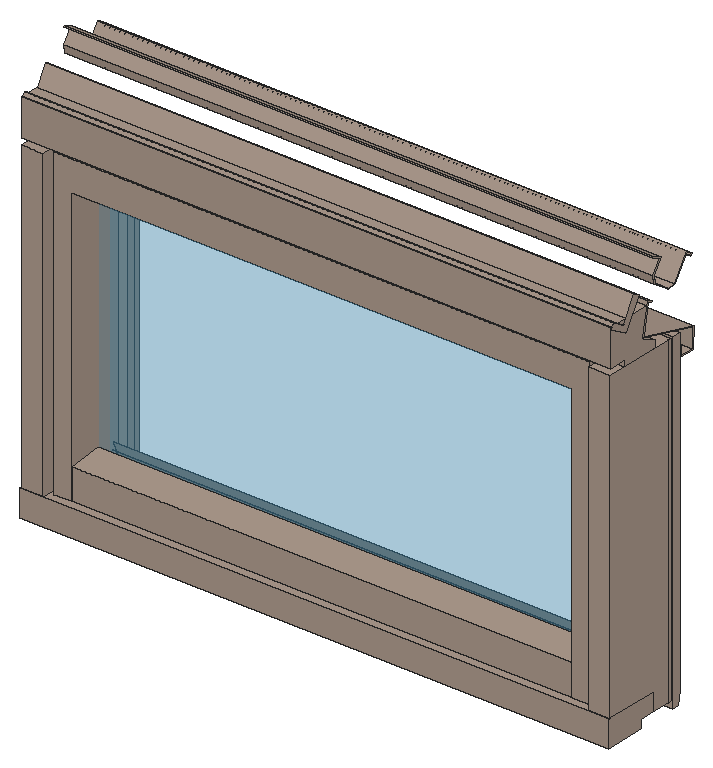
Revit family "VIU_v_1.01", category Окна, Revit 2017
Family settings
  Основа = Стена
  Номер OmniClass = 23.30.20.00
  Заголовок OmniClass = Windows
  Всегда вертикально = Да
  При загрузке вырезать с полостями = Нет
  Общий = Нет
  Точка расчета площади = Нет
Parameters (values of type "Default")
  g-value = "0.52"
  Youtube clip = ""
  Window Inset = 130.000 mm
  Window Area = 0.56
  Weight Net (kg) = ""
  Warranty Years = "5 (10 with BDX)"
  Uniclass 2.0 Description = "Roof Window Units"
  Uniclass 2.0 Code = "PR-59-72"
  Uniclass 1.4 Description = "Rooflights/Roof windows"
  Uniclass 1.4 Code = "JL11"
  URL = "http://file-system.ru/catalog/zdaniya_i_sooruzheniya/eksterer/okna/viu_velux_premium_dopolnitelnyy_nizhniy_element_karniznoe_okno_iz_poliuretana_glukhoe_ne_otkryvaetsya/#close_popup_window"
  UNSPC code = 301516
  UNSPC Category = "Roofing accessories"
  ThermalTransmittance - Glazing = "1.0"
  ThermalTransmittance = "1.4"
  Thermal bridge(glazing) = 0.059
  Thermal bridge = "0.09"
  Thermal Transmittance(frame) = 1.3
  Technical description = ""
  Sound Insulation db = 35
  Roof Slope = 30.00°
  Product identifier = ""
  Product group = "VIU 1.01"
  Product family = "Vertical window"
  Product data url = "http://www.velux.co.uk/private/products/velux_roof_windows/vertical_and_sloping_combination_elements"
  Product certification = ""
  Product SKU = "viu101"
  Perimeter Window = 3.08
  Perimeter Glazing = 2.33
  Operation Mode = "Manuel"
  Name of the object = "New Gen VELUX VIU 1.01"
  NBS Reference Description = "Roof Window Units"
  NBS Reference = "59-72"
  Группа модели = "New Gen VELUX VIU 1.01"
  Material secondary = Glass Standard, laminted, solar gain, low Energy (--73)
  Material main = Wood
  Manufacturer country = "Denmark"
  Manufacturer URL = "www.velux.com"
  Изготовитель = "VELUX A/S"  # constant formula
  Light transmittance = "0.75"
  Installation instructions = "http://www.velux.co.uk/en-GB/PublishingImages/PDFs/GILGIU%20450601-2011-12%5B1%5D.pdf"
  IFC Classification = "Window"
  Height = 600.000 mm
  GlazingAreaFraction = "0.29"
  Function = "Bottom hung vertical window"
  Frame Area = 0.27
  Emergency Exit = 1 > 2  # no
  Edition number = "1"
  EAN code = ""
  Design country = "Denmark"
  Default Sill Height = 600.000 mm
  Замыкание стены = По основе
  Ширина = 940.000 mm
  Date of publishing = "6/27/2013"
  Copyright = "VELUX A/S"  # constant formula
  COBIe Type Category = ""
  Код по классификатору = "B3020110"
  Angle = 90.00° - Roof Slope  # 60.00°
  Allowed Roof Slope = "15-55°"
Reference planes
  plane 1 "Back": y = -12
  plane 2 "Center (Left/Right)": x = 0
  plane 3 "Left": x = -469.96
  plane 4 "Right": x = 469.96
  plane 5 "Sill": z = 600
  plane 6 "Exterior": y = 125
  plane 7 "Interior": y = -125
  plane 8: z = 1608.158
  plane 9: z = 1202.487
  plane 10: y = 46
  plane 11: z = 586.6
  plane 12: y = 46
  plane 13: through (-161.657, 231.247, 1523.345) normal (0, -0.866, 0.5)
  plane 14: x = -427.96
  plane 15: x = 427.96
  plane 16: x = -489.96
  plane 17: x = 489.96
  plane 18: z = 1190.507
  plane 19: y = 9.65
  plane 20: y = 0
  plane 21 "Inset": y = -5
  plane 22: y = 144
  plane 23: y = 130
  plane 24: z = 1186.6
  plane 25: x = -470
  plane 26: x = 470
  plane 27: x = -442.9
  plane 28: x = 442.9
Forms (mm)
  Extrusion 1, void
    sketch origin (0, 0, 0) x (0, 1, 0) y (0, 0, 1)
      loop
        line (125, 586.6) -> (125, 1202.487) -> (-125, 1202.487) -> (-125, 586.6) -> (125, 586.6)
    from -442.9 to 442.9
  Sweep 2, solid, material "Wood" <- "Material main"
    path origin (0, -12, 0) x (1, 0, 0) y (0, 0, 1)
      loop
        line (-470, 600) -> (470, 600)
    profile origin (0, -12, 600) x (0, 0, 1) y (0, -1, 0)
      loop
        line (-13.4, -6.8) -> (-13.4, -70.6) -> (0, -70.6) -> (0, -93.7) -> (28.2, -93.7) -> (28.2, -6.8) -> (-13.4, -6.8)
  Sweep 3, solid, material "Wood" <- "Material main"
    path origin (0, -12, 0) x (1, 0, 0) y (0, 0, 1)
      loop
        line (-420, 600) -> (420, 600)
    profile origin (0, -12, 600) x (0, 0, 1) y (0, -1, 0)
      loop
        line (48.186, -116.097) -> (13.359, -116.097) -> (18.835, -103.8) -> (-11.214, -103.8) -> (-11.214, -121.5) -> (42.783, -121.5) -> (48.186, -116.097)
  Sweep 4, solid, material "Wood" <- "Material main"
    path origin (0, -12, 0) x (1, 0, 0) y (0, 0, 1)
      loop
        line (-469.96, 1202.487) -> (469.96, 1202.487)
    profile origin (0, -12, 1202.487) x (0, 0, 1) y (0, -1, 0)
      loop
        line (-15.887, -9.1) -> (-74.383, -9.1) -> (-74.383, -37.1) -> (-84.083, -37.1) -> (-84.083, -98.1) -> (-71.583, -98.1) -> (-60.983, -73.128) -> (-15.887, -81.894) -> (-15.887, -9.1)
  Sweep 5, solid, material "Wood" <- "Material main"
    path origin (0, -12, 0) x (1, 0, 0) y (0, 0, 1)
      loop
        line (-469.96, 1202.487) -> (469.96, 1202.487)
    profile origin (0, -12, 1202.487) x (0, 0, 1) y (0, -1, 0)
      loop
        line (-58.109, -75.178) -> (-11.518, -84.234) -> (-14.559, -92.155) -> (-13.761, -92.31) -> (-10.429, -83.631) -> (-58.682, -74.251) -> (-86.478, -174.029) -> (-118.569, -173.469) -> (-118.569, -150.589) -> (-101.769, -150.589) -> (-101.769, -149.789) -> (-119.369, -149.789) -> (-119.369, -174.255) -> (-85.873, -174.84) -> (-58.109, -75.178)
  Sweep 6, solid, material "Wood" <- "Material main"
    path origin (0, -12, 0) x (1, 0, 0) y (0, 0, 1)
      loop
        line (-469.96, 1118.404) -> (-469.96, 600)
    profile origin (-469.96, -12, 859.202) x (0, -1, 0) y (1, 0, 0)
      loop
        line (-37, 49.96) -> (-144, 49.96) -> (-144, 22.96) -> (-130, 22.96) -> (-130, -0.04) -> (-125, -0.04) -> (-125, 0.96) -> (-124, 0.96) -> (-124, -0.04) -> (-9, -0.04) -> (-9, 35.06) -> (-37, 35.06) -> (-37, 49.96)
  Sweep 7, solid, material "Wood" <- "Material main"
    path origin (0, -12, 0) x (1, 0, 0) y (0, 0, 1)
      loop
        line (-469.96, 1118.404) -> (-469.96, 586.6)
    profile origin (-469.96, -12, 852.502) x (0, -1, 0) y (1, 0, 0)
      loop
        line (-134, 75.96) -> (-148, 75.96) -> (-148, 0.96) -> (-134, 0.96) -> (-134, 75.96)
  Sweep 8, solid, material "Wood" <- "Material main"
    path origin (0, -12, 0) x (1, 0, 0) y (0, 0, 1)
      loop
        line (469.96, 1118.404) -> (469.96, 600)
    profile origin (469.96, -12, 859.202) x (0, -1, 0) y (1, 0, 0)
      loop
        line (-144, -22.96) -> (-144, -49.96) -> (-37, -49.96) -> (-37, -35.06) -> (-9, -35.06) -> (-9, 0.04) -> (-124, 0.04) -> (-124, -0.96) -> (-125, -0.96) -> (-125, 0.04) -> (-130, 0.04) -> (-130, -22.96) -> (-144, -22.96)
  Sweep 9, solid, material "Wood" <- "Material main"
    path origin (0, -12, 0) x (1, 0, 0) y (0, 0, 1)
      loop
        line (469.96, 1118.404) -> (469.96, 586.6)
    profile origin (469.96, -12, 852.502) x (0, -1, 0) y (1, 0, 0)
      loop
        line (-148, -0.96) -> (-148, -75.96) -> (-134, -75.96) -> (-134, -0.96) -> (-148, -0.96)
  Extrusion 10, void
    sketch origin (-161.657, 46, 720) x (0, 0, 1) y (-1, 0, 0)
      loop
        line (482.487, 308.303) -> (-133.4, 308.303) -> (-133.4, -631.617) -> (482.487, -631.617) -> (482.487, 308.303)
    from 0 to -79
  Sweep 11, solid, material "Wood" <- "Material main"
    path origin (0, 9.65, 1190.507) x (0, -0.866025, 0.5) y (-1, 0, 0)
      loop
        line (0, 469.96) -> (0, -469.96)
    profile origin (0, 9.65, 1190.507) x (0, -0.866025, 0.5) y (0, -0.5, -0.866025)
      loop
        line (-46.562, -64.852) -> (-54.2, -55.755) -> (-90.464, -52.596) -> (-99.561, -60.234) -> (-103.272, -102.801) -> (-112.238, -102.019) -> (-112.047, -99.828) -> (-108.46, -100.14) -> (-108.39, -99.343) -> (-112.774, -98.961) -> (-113.105, -102.747) -> (-102.544, -103.667) -> (-98.793, -60.634) -> (-90.204, -53.422) -> (-54.6, -56.523) -> (-47.388, -65.113) -> (-49.571, -90.169) -> (-33.3, -88.795) -> (-33.367, -87.998) -> (-48.691, -89.292) -> (-46.562, -64.852)
  Sweep 12, void
    path origin (-469.96, -12, 586.6) x (-1, 0, 0) y (0, -1, 0)
      loop
        line (-0.96, -148) -> (-75.96, -148)
    profile origin (-431.5, 136, 586.6) x (0, 1, 0) y (0, 0, 1)
      loop
        line (0, 0) -> (0, 20) -> (-4, 0) -> (0, 0)
  Sweep 13, void
    path origin (-469.96, -12, 586.6) x (-1, 0, 0) y (0, -1, 0)
      loop
        line (-863.96, -148) -> (-938.96, -148)
    profile origin (431.5, 136, 586.6) x (0, 1, 0) y (0, 0, 1)
      loop
        line (0, 0) -> (0, 20) -> (-4, 0) -> (0, 0)
  Sweep 14, solid, material "Wood" <- "Material main"
    path origin (0, 24.931, 1179.375) x (0, 0.5, 0.866025) y (-1, 0, 0)
      loop
        line (0, 469.96) -> (0, -469.96)
    profile origin (0, 24.931, 1179.375) x (0, 0.5, 0.866025) y (0, -0.866025, 0.5)
      loop
        line (-10, -10) -> (40, -10) -> (40, 0) -> (0, 0) -> (0, 25) -> (-10, 25) -> (-10, -10)
Cuts and joins
  Sweep 12 cuts Sweep 6
  Sweep 12 cuts Sweep 7
  Sweep 13 cuts Sweep 8
  Sweep 13 cuts Sweep 9
Lines and regions (mm)
  reference lines
    curve 1: line (0, 58.03, 2300) -> (110, 58.03, 2300)
    curve 6: line (0, 46, 586.6) -> (0, 156.49, 554.709)
    curve 7: line (0, 83, 1900) -> (509.96, 83, 1900)
    curve 8: line (0, 46, 1202.487) -> (0, -79.332, 1274.847)
    curve 9: line (-469.96, 46.5, 652.837) -> (469.96, 46.5, 652.837)
    curve 10: line (0, 46, 1202.487) -> (360, 46, 1202.487)
    curve 11: line (0, 9.65, 1190.507) -> (0, -361.869, 1405.004)
    curve 12: line (0, 28.591, 1763.228) -> (115, 28.591, 1763.228)
    curve 13: line (0, 24.931, 1179.375) -> (0, -698.2, 1596.875)
    curve 14: line (0, 24.931, 1179.375) -> (0, 274.931, 1612.388)
  symbolic lines
    curve 2: line (-469.96, -125, 0) -> (-469.96, 125, 0)
    curve 3: line (469.96, -125, 0) -> (469.96, 125, 0)
    curve 4: line (-469.96, -125, 0) -> (469.96, -125, 0)
    curve 5: line (469.96, 125, 0) -> (-469.96, 125, 0)
Text (mm)
  text "EXTERIOR" at (-1963.203, 1332.353, 0), in view "Ref. Level"
  text "INTERIOR" at (-1981.466, -818.386, 0), in view "Ref. Level"
  text "Exterior" at (0, 923.751, 2943.296), in view "Right"
  text "Exterior" at (0, 1040.484, 2685.409), in view "Left"
Dimensions and locks
  equal spacing: plane 3 "Left", plane 2 "Center (Left/Right)", plane 4 "Right"
  "Ширина": plane 25 to plane 26
  "Default Sill Height": plane 5 "Sill" to level
  locked: plane 6 "Exterior" to host wall at 0
  locked: plane 7 "Interior" to host wall
  "Height": plane 11 to plane 24
  plane 1 "Back" to nested 1 = 4.000 mm
  locked: plane 11 to plane 5 "Sill" at 13.4
  locked: plane 12 to plane 1 "Back" at 58
  locked: plane 5 "Sill" to curve 9 at 52.837
  curve 9 to plane 1 "Back" = 58.500 mm
  plane 3 "Left" to plane 14 = 42.000 mm
  plane 15 to plane 4 "Right" = 42.000 mm
  locked: plane 16 to plane 3 "Left" at 20
  locked: plane 4 "Right" to plane 17 at 20
  locked: plane 12 to plane 19 at 36.35
  locked: plane 18 to plane 9 at 11.98
  "Window Inset": plane 21 "Inset" to plane 6 "Exterior"
  locked: plane 1 "Back" to plane 21 "Inset" at 7
  locked: plane 1 "Back" to nested 1 at 4
  locked: curve 11 to curve 14 at 18.8
  locked: curve 13 to curve 11 at 2
  locked: curve 14 to Sweep 14 sketch curve at 10
  locked: Sweep 14 sketch curve to curve 13 at 10
  locked: curve 13 to Sweep 14 sketch curve at 40
  locked: Sweep 14 sketch curve to curve 14 at 25
  locked: plane 24 to plane 9 at 15.887
  locked: plane 16 to plane 25 at 19.96
  locked: plane 26 to plane 17 at 19.96
  plane 11 to plane 5 "Sill" = 13.400 mm
  locked: plane 3 "Left" to plane 27 at 27.06
  plane 27 to cut or joined group of Sweep 6, Sweep 12 = 8.000 mm
  locked: plane 28 to plane 4 "Right" at 27.06
  cut or joined group of Sweep 8, Sweep 13 to plane 28 = 8.000 mm
  locked: plane 11 to curve 6 (angle 16.10°)
  "Roof Slope": angle plane 9 to curve 8
  "Angle": angle plane 13 to plane 9
  locked: curve 10 to curve 8 (angle 90.00°)
  "Roof Slope": angle plane 18 to curve 11
  locked: curve 13 to curve 14 (angle 90.00°)
  "Roof Slope": angle plane 18 to curve 13
  aligned and locked: host wall to Extrusion 1 sketch curve  (x2)
  aligned: plane 3 "Left" to Extrusion 1
  aligned: Extrusion 1 to plane 4 "Right"
  aligned and locked: Extrusion 1 sketch curve to plane 9
  aligned and locked: Extrusion 1 sketch curve to plane 11
  aligned and locked: curve 3 to plane 4 "Right"
  aligned and locked: host wall to curve 4
  aligned and locked: host wall to curve 5
  aligned and locked: plane 11 to curve 6
  aligned and locked: plane 10 to curve 6
  aligned and locked: plane 13 to curve 8
  aligned and locked: plane 12 to curve 8
  aligned and locked: plane 5 "Sill" to Sweep 2 sketch curve
  aligned and locked: Sweep 3 sketch curve to plane 5 "Sill"
  aligned and locked: plane 9 to Sweep 4 sketch curve
  aligned and locked: plane 3 "Left" to Sweep 4 sketch curve
  aligned and locked: plane 4 "Right" to Sweep 4 sketch curve
  aligned and locked: Sweep 5 sketch curve to plane 9
  aligned and locked: plane 4 "Right" to Sweep 5 sketch curve
  aligned and locked: plane 3 "Left" to Sweep 5 sketch curve
  aligned and locked: plane 3 "Left" to Sweep 6 sketch curve
  aligned and locked: plane 5 "Sill" to Sweep 6 sketch curve
  aligned and locked: Sweep 7 sketch curve to plane 3 "Left"
  aligned and locked: plane 4 "Right" to Sweep 8 sketch curve
  aligned and locked: plane 5 "Sill" to Sweep 8 sketch curve
  aligned and locked: Sweep 9 sketch curve to plane 4 "Right"
  aligned and locked: Sweep 4 to Sweep 7 sketch curve
  aligned and locked: Sweep 4 to Sweep 9 sketch curve
  aligned and locked: Sweep 4 to Sweep 6 sketch curve
  aligned and locked: Sweep 4 to Sweep 8 sketch curve
  aligned and locked: plane 11 to Sweep 7 sketch curve
  aligned: plane 14 to Extrusion 1
  aligned: plane 15 to Extrusion 1
  aligned and locked: plane 9 to Extrusion 10 sketch curve
  aligned and locked: plane 3 "Left" to Extrusion 10 sketch curve
  aligned and locked: plane 4 "Right" to Extrusion 10 sketch curve
  aligned and locked: host wall to Extrusion 10
  aligned and locked: plane 3 "Left" to Sweep 11 sketch curve
  aligned and locked: plane 4 "Right" to Sweep 11 sketch curve
  aligned and locked: Sweep 12 sketch curve to Sweep 7  (x3)
  aligned and locked: Sweep 7 to Sweep 12 sketch curve  (x2)
  aligned and locked: Sweep 13 sketch curve to Sweep 9  (x3)
  aligned and locked: Sweep 9 to Sweep 13 sketch curve  (x2)
  aligned and locked: Sweep 5 to Sweep 14 sketch curve  (x2)
  aligned and locked: plane 10 to plane 12
  aligned and locked: Extrusion 10 sketch curve to plane 11
  aligned and locked: Sweep 11 sketch curve to curve 11
  aligned and locked: Sweep 14 sketch curve to curve 13  (x2)
  aligned and locked: Sweep 14 sketch curve to curve 14
  aligned and locked: cut or joined group of Sweep 7, Sweep 12 to Sweep 9 sketch curve
  aligned and locked: Extrusion 1 to plane 27
  aligned and locked: plane 28 to Extrusion 1
Automatic sketch dimensions
  curve 1 to plane 2 "Center (Left/Right)" = 0.000 mm
  curve 1 to plane 2 "Center (Left/Right)" = 110.000 mm
  curve 7 to plane 2 "Center (Left/Right)" = 0.000 mm
  curve 7 to plane 4 "Right" = 40.000 mm
  curve 9 to plane 4 "Right" = 0.000 mm
  curve 9 to plane 3 "Left" = 0.000 mm
  plane 10 to curve 9 = 0.500 mm
  Sweep 2 sketch curve to plane 4 "Right" = 0.040 mm
  curve 8 to curve 10 = 0.000 mm
  curve 10 to curve 8 = 0.000 mm
  profile plane to Sweep 11 sketch curve = 113.105 mm
  Sweep 11 sketch curve to Sweep 11 sketch curve = 0.331 mm
  Sweep 11 sketch curve to Sweep 11 sketch curve = 0.867 mm
  Sweep 11 sketch curve to Sweep 11 sketch curve = 0.727 mm
  Sweep 11 sketch curve to Sweep 11 sketch curve = 3.587 mm
  Sweep 11 sketch curve to Sweep 11 sketch curve = 0.070 mm
  Sweep 11 sketch curve to Sweep 11 sketch curve = 5.188 mm
  Sweep 11 sketch curve to Sweep 11 sketch curve = 0.728 mm  (x2)
  Sweep 11 sketch curve to profile plane = 60.234 mm
  Sweep 11 sketch curve to Sweep 11 sketch curve = 8.829 mm
  Sweep 11 sketch curve to profile plane = 60.634 mm
  Sweep 11 sketch curve to Sweep 11 sketch curve = 0.768 mm  (x2)
  Sweep 11 sketch curve to profile plane = 52.596 mm
  Sweep 11 sketch curve to Sweep 11 sketch curve = 8.328 mm
  Sweep 11 sketch curve to profile plane = 53.422 mm
  Sweep 11 sketch curve to Sweep 11 sketch curve = 0.261 mm  (x2)
  Sweep 11 sketch curve to Sweep 11 sketch curve = 35.604 mm
  Sweep 11 sketch curve to Sweep 11 sketch curve = 0.400 mm
  profile plane to Sweep 11 sketch curve = 49.571 mm
  Sweep 11 sketch curve to Sweep 11 sketch curve = 0.879 mm
  Sweep 11 sketch curve to Sweep 11 sketch curve = 7.212 mm
  Sweep 11 sketch curve to Sweep 11 sketch curve = 0.826 mm
  Sweep 11 sketch curve to Sweep 11 sketch curve = 15.324 mm
  Sweep 11 sketch curve to Sweep 11 sketch curve = 0.067 mm
  Sweep 11 sketch curve to profile plane = 64.852 mm
  Sweep 11 sketch curve to Sweep 11 sketch curve = 23.146 mm
  Sweep 11 sketch curve to Sweep 11 sketch curve = 0.797 mm  (x2)
  Sweep 11 sketch curve to Sweep 11 sketch curve = 38.327 mm
  Sweep 11 sketch curve to Sweep 11 sketch curve = 0.382 mm
  Sweep 11 sketch curve to Sweep 11 sketch curve = 0.866 mm  (x2)
  Sweep 11 sketch curve to Sweep 11 sketch curve = 2.192 mm
  Sweep 11 sketch curve to Sweep 11 sketch curve = 2.660 mm
  Sweep 11 sketch curve to Sweep 11 sketch curve = 8.589 mm
  plane 3 "Left" to Sweep 2 sketch curve = 0.040 mm
  profile plane to Sweep 2 sketch curve = 0.000 mm
  profile plane to Sweep 2 sketch curve = 13.400 mm
  Sweep 2 sketch curve to plane 1 "Back" = 6.800 mm
  Sweep 2 sketch curve to profile plane = 28.200 mm
  Sweep 2 sketch curve to Sweep 2 sketch curve = 63.800 mm
  Sweep 2 sketch curve to Sweep 2 sketch curve = 23.100 mm
  Sweep 3 sketch curve to plane 14 = 7.960 mm
  Sweep 3 sketch curve to plane 15 = 7.960 mm
  profile plane to Sweep 3 sketch curve = 11.214 mm
  Sweep 3 sketch curve to profile plane = 13.359 mm
  Sweep 3 sketch curve to Sweep 3 sketch curve = 5.475 mm
  Sweep 3 sketch curve to Sweep 3 sketch curve = 23.949 mm
  Sweep 3 sketch curve to Sweep 3 sketch curve = 5.403 mm  (x2)
  Sweep 3 sketch curve to plane 1 "Back" = 121.500 mm
  Sweep 3 sketch curve to Sweep 3 sketch curve = 12.297 mm
  profile plane to Sweep 4 sketch curve = 84.083 mm
  Sweep 4 sketch curve to Sweep 4 sketch curve = 9.700 mm
  Sweep 4 sketch curve to Sweep 4 sketch curve = 12.500 mm
  Sweep 4 sketch curve to Sweep 4 sketch curve = 10.600 mm
  profile plane to Sweep 4 sketch curve = 15.887 mm
  Sweep 4 sketch curve to plane 1 "Back" = 98.100 mm
  Sweep 4 sketch curve to Sweep 4 sketch curve = 16.206 mm
  Sweep 4 sketch curve to Sweep 4 sketch curve = 24.972 mm
  Sweep 4 sketch curve to plane 1 "Back" = 37.100 mm
  Sweep 4 sketch curve to plane 1 "Back" = 9.100 mm
  Sweep 7 sketch curve to plane 1 "Back" = 148.000 mm
  Sweep 7 sketch curve to Sweep 7 sketch curve = 14.000 mm
  Sweep 7 sketch curve to profile plane = 0.960 mm
  Sweep 7 sketch curve to Sweep 7 sketch curve = 75.000 mm
  Sweep 9 sketch curve to plane 1 "Back" = 148.000 mm
  profile plane to Sweep 9 sketch curve = 0.960 mm
  Sweep 9 sketch curve to Sweep 9 sketch curve = 14.000 mm
  Sweep 9 sketch curve to Sweep 9 sketch curve = 75.000 mm
  profile plane to Sweep 12 sketch curve = 4.000 mm
  profile plane to Sweep 12 sketch curve = 20.000 mm
  curve 12 to plane 2 "Center (Left/Right)" = 0.000 mm
  curve 12 to plane 2 "Center (Left/Right)" = 115.000 mm
  profile plane to Sweep 13 sketch curve = 4.000 mm
  Sweep 13 sketch curve to Sweep 13 sketch curve = 20.000 mm
  profile plane to Sweep 5 sketch curve = 119.369 mm
  Sweep 5 sketch curve to Sweep 5 sketch curve = 0.800 mm  (x2)
  Sweep 5 sketch curve to Sweep 5 sketch curve = 16.800 mm
  Sweep 5 sketch curve to Sweep 5 sketch curve = 32.091 mm
  profile plane to Sweep 5 sketch curve = 14.559 mm
  Sweep 5 sketch curve to Sweep 5 sketch curve = 0.797 mm
  Sweep 5 sketch curve to Sweep 5 sketch curve = 2.243 mm
  Sweep 5 sketch curve to Sweep 5 sketch curve = 1.089 mm
  Sweep 5 sketch curve to plane 1 "Back" = 174.840 mm
  Sweep 5 sketch curve to Sweep 5 sketch curve = 0.585 mm
  Sweep 5 sketch curve to Sweep 5 sketch curve = 0.786 mm
  Sweep 5 sketch curve to Sweep 5 sketch curve = 22.880 mm
  Sweep 5 sketch curve to plane 1 "Back" = 92.310 mm
  Sweep 5 sketch curve to Sweep 5 sketch curve = 0.155 mm
  Sweep 5 sketch curve to Sweep 5 sketch curve = 8.076 mm
  Sweep 5 sketch curve to Sweep 5 sketch curve = 0.603 mm
  Sweep 5 sketch curve to Sweep 5 sketch curve = 16.978 mm
  Sweep 5 sketch curve to Sweep 5 sketch curve = 0.605 mm
  Sweep 5 sketch curve to Sweep 5 sketch curve = 0.572 mm
  Sweep 5 sketch curve to Sweep 5 sketch curve = 0.811 mm
  Sweep 5 sketch curve to Sweep 5 sketch curve = 0.926 mm
  Sweep 5 sketch curve to Sweep 5 sketch curve = 44.123 mm
  profile plane to Sweep 6 sketch curve = 0.040 mm  (x2)
  Sweep 6 sketch curve to Sweep 6 sketch curve = 14.000 mm
  Sweep 6 sketch curve to profile plane = 0.960 mm
  Sweep 6 sketch curve to Sweep 6 sketch curve = 5.000 mm
  Sweep 6 sketch curve to Sweep 6 sketch curve = 1.000 mm
  Sweep 6 sketch curve to Sweep 6 sketch curve = 93.000 mm
  Sweep 6 sketch curve to plane 1 "Back" = 37.000 mm
  Sweep 6 sketch curve to Sweep 6 sketch curve = 22.000 mm
  Sweep 6 sketch curve to Sweep 6 sketch curve = 14.900 mm
  Sweep 6 sketch curve to plane 1 "Back" = 9.000 mm
  Sweep 6 sketch curve to Sweep 6 sketch curve = 27.000 mm
  profile plane to Sweep 8 sketch curve = 22.960 mm
  Sweep 8 sketch curve to Sweep 8 sketch curve = 14.000 mm
  Sweep 8 sketch curve to profile plane = 0.040 mm  (x2)
  Sweep 8 sketch curve to Sweep 8 sketch curve = 5.000 mm
  Sweep 8 sketch curve to Sweep 8 sketch curve = 1.000 mm
  Sweep 8 sketch curve to Sweep 8 sketch curve = 93.000 mm
  Sweep 8 sketch curve to plane 1 "Back" = 37.000 mm
  Sweep 8 sketch curve to plane 1 "Back" = 9.000 mm
  Sweep 8 sketch curve to Sweep 8 sketch curve = 12.100 mm
  profile plane to Sweep 8 sketch curve = 0.960 mm
  Sweep 8 sketch curve to Sweep 8 sketch curve = 14.900 mm
  curve 2 to plane 3 "Left" = 0.000 mm
  curve 11 to plane 18 = 0.000 mm
  curve 11 to plane 19 = 0.000 mm
Nested families
  nested 1: "VIU Window" at (0, -8, 600), built-in parameter 1001364 <- "Default Sill Height", type "VFE Window"
Definition of nested family "VIU Window"
  Parameters
    Window Opening Angle = 0.00°
    Width = 940.000 mm
    URL = "www.velux.com"
    Rough Height = 0.000 mm
    Model = "VCS"
    Material Internal = none
    Material External = none
    Manufacturer = "VELUX A/S"  # constant formula
    Height = 600.000 mm
    Glazing = none
    Copyright = "VELUX A/S"  # constant formula
    Assembly Code = "B3020110"
  Reference planes
    plane 1 "Center (Front/Back)": y = 0
    plane 2: z = 0
    plane 3 "Center (Left/Right)": x = 0
    plane 4: z = 584.113
    plane 5: z = 300
    plane 6: x = -470
    plane 7: x = 470
    plane 8: z = 478.967
    plane 9: z = 65.748
    plane 10: x = 395.71
    plane 11: x = -395.71
    plane 12: z = 600
    plane 13: x = -455.84
    plane 14: x = 455.84
    plane 15: z = 52.837
    plane 16: y = -55.1
  Forms (mm)
    Sweep 1, solid, material <- "Material Internal"
      path origin (0, -55.1, 52.837) x (0, 0, 1) y (1, 0, 0)
        loop
          line (0, -410.97) -> (0, 410.97)
      profile origin (0, -55.1, 52.837) x (0, 0, -1) y (0, 1, 0)
        loop
          line (24.637, 37.4) -> (-24.637, 37.4) -> (-30.05, -14.1) -> (-9.861, -14.1) -> (-9.861, -31.8) -> (24.637, -31.8) -> (24.637, 37.4)
    Sweep 2, solid, material <- "Material Internal"
      path origin (0, -55.1, 52.837) x (0, 0, 1) y (1, 0, 0)
        loop
          line (536.739, 410.97) -> (536.739, -410.97)
      profile origin (0, -55.1, 589.576) x (0, 0, 1) y (0, 1, 0)
        loop
          line (-71.172, 38.1) -> (-120.147, 38.1) -> (-125.633, -14.1) -> (-105.072, -14.1) -> (-105.072, -36.2) -> (-71.172, -36.2) -> (-71.172, 38.1)
    Sweep 3, solid, material <- "Material Internal"
      path origin (0, -55.1, 52.837) x (0, 0, 1) y (1, 0, 0)
        loop
          line (-24.637, -410.97) -> (465.567, -410.97)
      profile origin (-410.97, -55.1, 273.302) x (1, 0, 0) y (0, 1, 0)
        loop
          line (-16.63, -54.9) -> (11.37, -54.9) -> (11.37, 38.1) -> (-16.63, 38.1) -> (-16.63, -54.9)
    Sweep 4, solid, material <- "Material External"
      path origin (0, -55.1, 52.837) x (0, 0, 1) y (1, 0, 0)
        loop
          line (0, -410.97) -> (430.167, -410.97)
      profile origin (-410.97, -55.1, 267.921) x (1, 0, 0) y (0, 1, 0)
        loop
          line (27.315, -65.5) -> (27.315, -55.1) -> (-6.785, -55.1) -> (-6.785, -65.5) -> (27.315, -65.5)
    Sweep 5, solid, material <- "Material External"
      path origin (0, -55.1, 52.837) x (0, 0, 1) y (1, 0, 0)
        loop
          line (0, -410.97) -> (0, 410.97)
      profile origin (0, -55.1, 52.837) x (0, 0, -1) y (0, 1, 0)
        loop
          line (-1.507, -53.453) -> (-24.174, -44.295) -> (-24.548, -45.222) -> (-0.507, -54.936) -> (-0.507, -36.795) -> (14.452, -36.795) -> (14.452, -31.8) -> (13.452, -31.8) -> (13.452, -35.795) -> (-1.507, -35.795) -> (-1.507, -53.453)
    Extrusion 6, solid, material <- "Glazing"
      sketch origin (0, -55.1, 52.837) x (0, 0, 1) y (1, 0, 0)
        loop
          line (415.706, 399.6) -> (12.911, 399.6) -> (12.911, -399.6) -> (415.706, -399.6) -> (415.706, 399.6)
      from -16.76 to -20.76
    Extrusion 7, solid, material <- "Glazing"
      sketch origin (0, -55.1, 52.837) x (0, 0, 1) y (1, 0, 0)
        loop
          line (415.706, 399.6) -> (12.911, 399.6) -> (12.911, -399.6) -> (415.706, -399.6) -> (415.706, 399.6)
      from -38.26 to -42.26
    Sweep 8, solid, material <- "Material Internal"
      path origin (0, -55.1, 52.837) x (0, 0, 1) y (1, 0, 0)
        loop
          line (-24.637, 489.96) -> (465.567, 489.96)
      profile origin (489.96, -55.1, 273.302) x (1, 0, 0) y (0, 1, 0)
        loop
          line (-62.36, 38.1) -> (-90.36, 38.1) -> (-90.36, -54.9) -> (-62.36, -54.9) -> (-62.36, 38.1)
    Sweep 9, solid, material <- "Material External"
      path origin (0, -55.1, 52.837) x (0, 0, 1) y (1, 0, 0)
        loop
          line (0, 489.96) -> (430.167, 489.96)
      profile origin (489.96, -55.1, 267.921) x (1, 0, 0) y (0, 1, 0)
        loop
          line (-106.305, -65.5) -> (-72.205, -65.5) -> (-72.205, -55.1) -> (-106.305, -55.1) -> (-106.305, -65.5)
  Cuts and joins
    joined: Sweep 1, Sweep 2, Sweep 3, Sweep 8
  Lines and regions (mm)
    reference lines
      curve 1: line (0, -55.1, 52.837) -> (0, -55.1, 1412.837)
      curve 2: line (-489.96, -55.1, 52.837) -> (489.96, -55.1, 52.837)
      curve 3: line (489.96, -55.1, 52.837) -> (489.96, -55.1, 468.543)
      curve 4: line (-489.96, -55.1, 468.543) -> (-489.96, -55.1, 52.837)
      curve 5: line (489.96, -55.1, 468.543) -> (-489.96, -55.1, 468.543)
      curve 6: line (-489.96, -55.1, -12.911) -> (489.96, -55.1, -12.911)
      curve 7: line (489.96, -55.1, 573.689) -> (-489.96, -55.1, 573.689)
      curve 8: line (489.96, -55.1, 589.576) -> (-489.96, -55.1, 589.576)
      curve 9: line (410.97, -55.1, 468.543) -> (410.97, -55.1, 52.837)
      curve 10: line (-410.97, -55.1, 52.837) -> (-410.97, -55.1, 468.543)
      curve 11: line (-470, -55.1, 468.543) -> (-470, -55.1, 52.837)
      curve 12: line (470, -55.1, 52.837) -> (470, -55.1, 468.543)
      curve 13: line (-489.96, -55.1, -26.311) -> (489.96, -55.1, -26.311)
  Dimensions and locks
    equal spacing: plane 6, plane 3 "Center (Left/Right)", plane 7
    "Width": plane 6 to plane 7
    locked: plane 6 to plane 11 at 74.29
    locked: plane 4 to plane 8 at 105.146
    locked: plane 9 to plane 2 at 65.748
    locked: plane 7 to plane 10 at 74.29
    locked: plane 12 to plane 4 at 15.887
    equal spacing: plane 12, plane 5, plane 2
    "Height": plane 12 to plane 2
    locked: plane 6 to plane 13 at 14.16
    locked: plane 14 to plane 7 at 14.16
    locked: plane 1 "Center (Front/Back)" to plane 16 at 55.1
    locked: plane 9 to plane 15 at 12.911
    "Width": curve 11 to curve 12
    equal spacing: curve 4, curve 1, curve 3
    plane 9 to plane 15 = 12.911 mm
    locked: curve 5 to curve 7 at 105.146
    locked: curve 7 to curve 8 at 15.887
    locked: curve 2 to curve 6 at 65.748
    "Height": curve 7 to curve 13
    locked: curve 4 to curve 10 at 78.99
    locked: curve 9 to curve 3 at 78.99
    locked: cut or joined group of Sweep 1, Sweep 2, Sweep 3, Sweep 8 to Sweep 9 sketch curve at 1.5
    locked: cut or joined group of Sweep 1, Sweep 2, Sweep 3, Sweep 8 to Sweep 4 sketch curve at 1.5
    locked: curve 12 to curve 3 at 19.96
    locked: curve 4 to curve 11 at 19.96
    locked: curve 6 to curve 13 at 13.4
    "Window Opening Angle": angle plane 16 to curve 1
    aligned and locked: level to plane 2
    aligned and locked: curve 2 to Sweep 1 sketch curve
    aligned and locked: curve 9 to Sweep 1 sketch curve
    aligned and locked: Sweep 1 sketch curve to curve 10
    aligned and locked: curve 8 to Sweep 2 sketch curve
    aligned and locked: Sweep 2 sketch curve to curve 9
    aligned and locked: curve 10 to Sweep 2 sketch curve
    aligned and locked: Sweep 3 sketch curve to curve 10
    aligned and locked: Sweep 3 sketch curve to Sweep 2
    aligned and locked: Sweep 1 to Sweep 3 sketch curve
    aligned and locked: Sweep 4 sketch curve to curve 10
    aligned and locked: curve 2 to Sweep 4 sketch curve
    aligned and locked: curve 2 to Sweep 5 sketch curve
    aligned and locked: curve 9 to Sweep 5 sketch curve
    aligned and locked: Sweep 5 sketch curve to curve 10
    aligned and locked: curve 5 to Extrusion 6 sketch curve
    aligned and locked: curve 5 to Extrusion 7 sketch curve
    aligned and locked: Sweep 8 sketch curve to curve 3
    aligned and locked: Sweep 2 to Sweep 8 sketch curve
    aligned and locked: Sweep 8 sketch curve to Sweep 1
    aligned and locked: Sweep 9 sketch curve to curve 3
    aligned and locked: curve 2 to Sweep 9 sketch curve
    aligned and locked: Extrusion 6 sketch curve to cut or joined group of Sweep 1, Sweep 2, Sweep 3, Sweep 8  (x2)
    aligned and locked: Extrusion 7 sketch curve to cut or joined group of Sweep 1, Sweep 2, Sweep 3, Sweep 8  (x2)
  Automatic sketch dimensions
    curve 1 to plane 15 = 0.000 mm
    curve 1 to plane 16 = 0.000 mm
    curve 1 to curve 3 = 0.000 mm
    curve 8 to curve 4 = 0.000 mm
    curve 7 to curve 8 = 0.000 mm
    curve 6 to curve 1 = 489.960 mm
    curve 13 to curve 6 = 0.000 mm  (x2)
    curve 7 to curve 3 = 0.000 mm
    curve 1 to curve 6 = 489.960 mm
    curve 8 to curve 7 = 0.000 mm
    Sweep 1 sketch curve to profile plane = 14.100 mm
    profile plane to Sweep 1 sketch curve = 30.050 mm
    profile plane to Sweep 1 sketch curve = 24.637 mm
    profile plane to Sweep 1 sketch curve = 9.861 mm
    Sweep 1 sketch curve to profile plane = 24.637 mm
    Sweep 1 sketch curve to profile plane = 31.800 mm
    profile plane to Sweep 1 sketch curve = 37.400 mm
    Sweep 2 sketch curve to profile plane = 14.100 mm
    profile plane to Sweep 2 sketch curve = 125.633 mm
    Sweep 2 sketch curve to Sweep 2 sketch curve = 5.486 mm
    Sweep 2 sketch curve to Sweep 2 sketch curve = 20.561 mm
    Sweep 2 sketch curve to Sweep 2 sketch curve = 48.974 mm
    Sweep 2 sketch curve to profile plane = 36.200 mm
    profile plane to Sweep 2 sketch curve = 38.100 mm
    profile plane to Sweep 3 sketch curve = 16.630 mm
    Sweep 3 sketch curve to profile plane = 11.370 mm
    Sweep 3 sketch curve to profile plane = 54.900 mm
    profile plane to Sweep 3 sketch curve = 38.100 mm
    profile plane to Sweep 4 sketch curve = 6.785 mm
    Sweep 4 sketch curve to profile plane = 27.315 mm
    Sweep 4 sketch curve to profile plane = 65.500 mm
    Sweep 4 sketch curve to Sweep 4 sketch curve = 10.400 mm
    profile plane to Sweep 5 sketch curve = 24.548 mm
    Sweep 5 sketch curve to Sweep 5 sketch curve = 0.375 mm
    profile plane to Sweep 5 sketch curve = 1.507 mm
    profile plane to Sweep 5 sketch curve = 0.507 mm
    Sweep 5 sketch curve to profile plane = 13.452 mm
    Sweep 5 sketch curve to Sweep 5 sketch curve = 1.000 mm  (x2)
    Sweep 5 sketch curve to profile plane = 54.936 mm
    Sweep 5 sketch curve to Sweep 5 sketch curve = 1.483 mm
    Sweep 5 sketch curve to Sweep 5 sketch curve = 16.658 mm
    Sweep 5 sketch curve to Sweep 5 sketch curve = 3.995 mm
    curve 1 to Extrusion 6 sketch curve = 12.911 mm
    curve 1 to Extrusion 7 sketch curve = 12.911 mm
    profile plane to Sweep 8 sketch curve = 38.100 mm
    profile plane to Sweep 8 sketch curve = 90.360 mm
    Sweep 8 sketch curve to Sweep 8 sketch curve = 28.000 mm
    Sweep 8 sketch curve to profile plane = 54.900 mm
    profile plane to Sweep 9 sketch curve = 106.305 mm
    Sweep 9 sketch curve to Sweep 9 sketch curve = 34.100 mm
    Sweep 9 sketch curve to profile plane = 65.500 mm
    Sweep 9 sketch curve to Sweep 9 sketch curve = 10.400 mm
